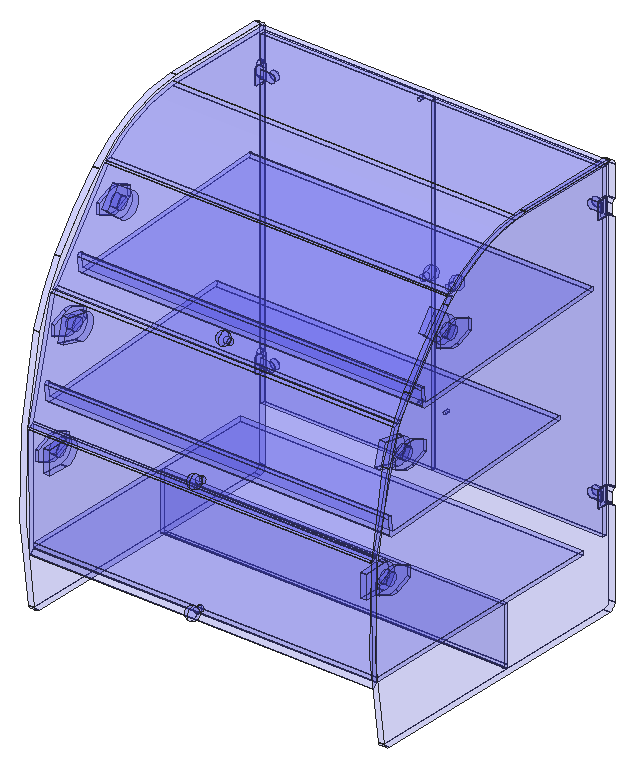
Revit family "QF_Vollrath_XLBC3-1826-13", category Specialty Equipment, Revit 2016 (continued)
Automatic sketch dimensions
  plane 21 to Extrusion 3 sketch curve = 0' - 1.38742"
  plane 21 to Extrusion 3 sketch curve = 0' - 0.32102"
  Extrusion 3 sketch curve to Extrusion 3 sketch curve = 0' - 0.36535"  (x2)
  plane 20 to Extrusion 3 sketch curve = 0' - 2.00033"
  plane 11 "Door Front" to Extrusion 3 sketch curve = 0' - 4 7/16"
  plane 21 to Extrusion 3 sketch curve = 0' - 0 15/16"
  plane 11 "Door Front" to Extrusion 3 sketch curve = 0' - 1 1/8"
  plane 11 "Door Front" to Extrusion 3 sketch curve = 0' - 1 15/16"
  Extrusion 3 sketch curve to plane 18 "Bottom Hinge" = 0' - 3"
  Extrusion 3 sketch curve to Extrusion 3 sketch curve = 0' - 0 3/8"
  Extrusion 3 sketch curve to Extrusion 3 sketch curve = 0' - 0.12668"
  Extrusion 3 sketch curve to Extrusion 3 sketch curve = 0' - 0.18783"  (x2)
  Extrusion 3 sketch curve to Extrusion 3 sketch curve = 0' - 0.03268"  (x2)
  curve 26 to plane 8 "Center LR" = 0' - 0"
  curve 9 to plane 4 "RIGHT" = 0' - 0"
  curve 9 to plane 7 "Inside Right" = 0' - 0"
  curve 3 to plane 6 "Inside Left" = 0' - 0"
  curve 2 to plane 3 "LEFT" = 0' - 0"
  curve 27 to plane 8 "Center LR" = 0' - 0"
  curve 12 to plane 8 "Center LR" = 0' - 0"
  curve 13 to plane 8 "Center LR" = 0' - 0"
  plane 10 "Door Back" to curve 1 = 0' - 0"
  plane 1 "BACK" to curve 3 = 0' - 0"
  plane 1 "BACK" to curve 10 = 0' - 0"
  curve 20 to plane 12 "Left Handle" = 0' - 0"
  curve 21 to plane 13 "Right Handle" = 0' - 0"
  curve 25 to plane 8 "Center LR" = 0' - 0"
  curve 23 to plane 8 "Center LR" = 0' - 0"
  plane 8 "Center LR" to curve 15 = 0' - 0 1/4"
  curve 15 to plane 5 "FRONT" = 0' - 3.27701"
  curve 12 to curve 13 = 0' - 0.66156"
  curve 28 to plane 5 "FRONT" = 0' - 0.35321"
  curve 6 to plane 5 "FRONT" = 0' - 0.02766"
  curve 7 to plane 5 "FRONT" = 0' - 0.02766"
  plane 5 "FRONT" to curve 26 = 0' - 0.30835"
  curve 20 to plane 1 "BACK" = 0' - 0 11/16"
  curve 21 to plane 1 "BACK" = 0' - 0 11/16"
  curve 29 to curve 27 = 0' - 0 1/4"
  plane 11 "Door Front" to curve 5 = 0' - 8 101/128"
  curve 11 to curve 5 = 0' - 6 3/4"
  curve 14 to curve 14 = 0' - 0.22855"
  curve 28 to plane 5 "FRONT" = 0' - 0.12466"
  curve 17 to plane 1 "BACK" = 0' - 0 1/4"
  curve 18 to plane 1 "BACK" = 0' - 0 1/4"
  curve 19 to plane 1 "BACK" = 0' - 0 1/4"
  curve 16 to plane 1 "BACK" = 0' - 0 1/4"
  plane 13 "Right Handle" to curve 19 = 0' - 0 1/4"
  curve 18 to plane 13 "Right Handle" = 0' - 0 1/4"
  plane 12 "Left Handle" to curve 17 = 0' - 0 1/4"
  curve 16 to plane 12 "Left Handle" = 0' - 0 1/4"
  radius of Extrusion 7 sketch curve = 0' - 0 1/8"  (x3)
  radius of Extrusion 10 sketch curve = 0' - 0 3/8"  (x4)
  radius of Extrusion 11 sketch curve = 0' - 0 1/16"  (x2)
  radius of Extrusion 12 sketch curve = 0' - 0 1/16"  (x2)
  radius of Extrusion 19 sketch curve = 0' - 0 1/2"
  radius of Extrusion 21 sketch curve = 0' - 0 1/2"
  radius of Extrusion 30 sketch curve = 0' - 0 1/2"
  radius of Extrusion 32 sketch curve = 0' - 0 1/2"
  radius of Extrusion 36 sketch curve = 0' - 0 1/2"
  radius of Extrusion 38 sketch curve = 0' - 0 1/2"
  radius of curve 20 = 0' - 0 1/2"
  radius of curve 21 = 0' - 0 1/2"
Types (4): name | Rear Doors | No Rear Doors | Model
  (no name) | yes | no | "XLBC3P-1826-13"
  XLBC3F-1826-13 | no | yes | "XLBC3F-1826-13"
  XLBC3FR-1826-13 | yes | no | "XLBC3FR-1826-13"
  XLBC3P-1826-13 | yes | no | "XLBC3P-1826-13"
